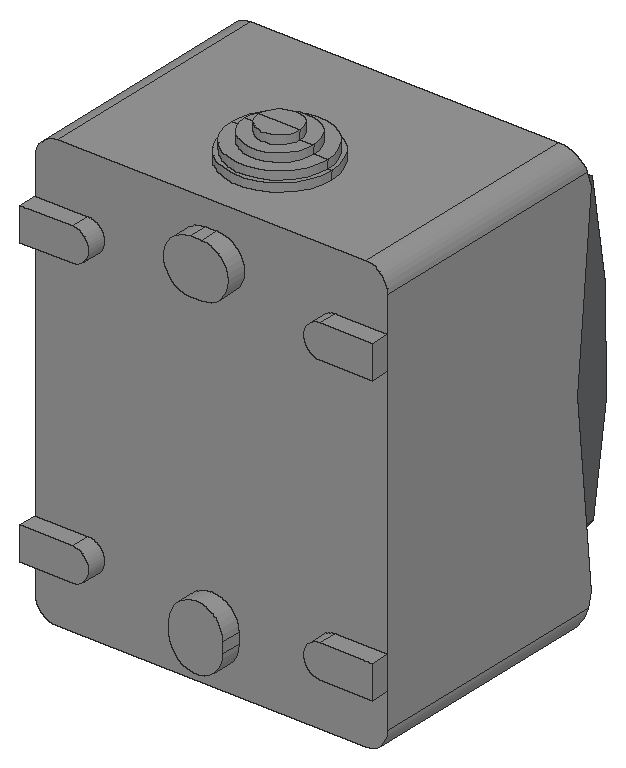
Revit family "IEK_Розетка_ОУ_З_16А_1-мест_IP54_FORS", category Электрические приборы, Revit 2019
Family settings
  Сохранять ориентацию аннотаций = Да
  Размер круглого соединителя = Использовать диаметр
  Тип детали = Нормальный
  На основе рабочей плоскости = Нет
  Всегда вертикально = Да
  При загрузке вырезать с полостями = Нет
  Общий = Нет
  Точка расчета площади = Нет
Parameters (values of type "РСб20-3-ФСр_Серый")
  Ширина = 65 mm  # constant formula
  Тип монтажа = "Поверхность монтажа (открытая установка)"  # constant formula
  Степень защиты IP = "IP54"  # constant formula
  Описание = "Электроустановочные изделия серии FORS подходят для эксплуатации в различных сферах, включая промышленные объекты, склады и производственные помещения. Благодаря степени защиты IP54 они стабильно работают в условиях повышенной влажности и запыленности. В комплекте есть подробная инструкция и необходимые аксессуары для быстрого монтажа. Электроустановочные изделия FORS — выбор профессионалов!"
  Материал крышки = RAL 9004
  Крышка [instance] = yes
  Изготовитель = "IEK"  # constant formula
  Диаметр_Короб [instance] = 16 mm
  Глубина = 55 mm  # constant formula
  Высота = 92 mm  # constant formula
  ΔХ [instance] = 2000 mm
  ΔY [instance] = 2000 mm
  URL = "https://www.iek.ru/"
  ADSK_Ток [instance] = 16 A
  ADSK_Примечание = ""
  ADSK_Полная мощность [instance] = ADSK_Номинальная мощность / ADSK_Коэффициент мощности  # 3520 VA
  ADSK_Позиция [instance] = ""
  ADSK_Номинальная мощность [instance] = ADSK_Ток * ADSK_Напряжение * sqrt(ADSK_Количество фаз числовое) * ADSK_Коэффициент мощности  # 3520 W
  ADSK_Напряжение = 220 V
  ADSK_Наименование краткое = "РСб20-3-ФСр"
  ADSK_Наименование = "Розетка 1-местная с заземлением для открытой установки 16А IP54 РСб20-3-ФСр серый IEK"
  ADSK_Материал обозначение = ""
  ADSK_Материал наименование = "Пластик"  # constant formula
  ADSK_Материал = Окраска - RAL 7035
  ADSK_Масса = 0.128
  ADSK_Марка = "FORS"  # constant formula
  ADSK_Коэффициент мощности [instance] = 1  # constant formula
  ADSK_Количество фаз числовое = 1
  ADSK_Количество фаз = 1
  ADSK_Код изделия = "ERS12-K03-16-54-DC"
  ADSK_Классификация нагрузок [instance] = Прочее
  ADSK_Завод-изготовитель = Изготовитель  # "IEK"
  ADSK_Единица измерения = "шт."  # constant formula
  ADSK_Группирование = "Электроустановочные изделия низковольтные"  # constant formula
  ADSK_Версия семейства = "01.10.25"  # constant formula
  ADSK_Версия Revit = "v2019"  # constant formula
  ADSK_URL страницы изделия = "https://qr.iek.group/ERS12-K03-16-54-DC"
Types (3, lengths in mm): name | Материал крышки | Диаметр_Короб | ADSK_Наименование краткое | ADSK_Наименование | ADSK_Материал | ADSK_Код изделия | ADSK_URL страницы изделия
  (no name) | RAL 9004 | 16 | "РСб20-3-ФСр" | "Розетка 1-местная с заземлением для открытой установки 16А IP54 РСб20-3-ФСр серый IEK" | Окраска - RAL 7035 | "ERS12-K03-16-54-DC" | "https://qr.iek.group/ERS12-K03-16-54-DC"
  РСб20-3-ФСр_Серый | RAL 9004 | 16 | "РСб20-3-ФСр" | "Розетка 1-местная с заземлением для открытой установки 16А IP54 РСб20-3-ФСр серый IEK" | Окраска - RAL 7035 | "ERS12-K03-16-54-DC" | "https://qr.iek.group/ERS12-K03-16-54-DC"
  РСб20-3-ФБ_Белый | Окраска - Белый | 11 | "РСб20-3-ФБ" | "Розетка 1-местная с заземлением для открытой установки 16А IP54 РСб20-3-ФБ белый IEK" | Окраска - Белый | "ERS12-K01-16-54-DC" | "https://qr.iek.group/ERS12-K01-16-54-DC"
Reference planes
  plane 1 "По центру (Вперед/Назад)": y = 0
  plane 2: z = 0
  plane 3 "По центру (Влево/Вправо)": x = 0
  plane 4 "Высота ножек": z = 280
  plane 5 "Высота": z = 2081.496
  plane 6: x = -2000
  plane 7: y = 2000
Forms (mm)
  Extrusion 1, void
    sketch origin (0, 0, 45.5) x (1, 0, 0) y (0, 0, -1)
      loop
        arc (-16.762, -9.964) -> (-0.012, -19.5) -> (16.75, -9.984) r 19.5
        line (16.75, -9.984) -> (16.75, -2.25) -> (19.37, -2.25)
        arc (19.37, -2.25) -> (19.5, 0) -> (19.37, 2.25) r 19.5
        line (19.37, 2.25) -> (16.75, 2.25) -> (16.75, 9.984)
        arc (16.75, 9.984) -> (0, 19.5) -> (-16.75, 9.984) r 19.5
        line (-16.75, 9.984) -> (-16.75, 2.25) -> (-19.37, 2.25)
        arc (-19.37, 2.25) -> (-19.5, 0) -> (-19.37, -2.25) r 19.5
        line (-19.37, -2.25) -> (-16.75, -2.25) -> (-16.762, -9.964)
    from 29.8 to 49.487
  Extrusion 2, void
    sketch origin (0, 0, 45.5) x (1, 0, 0) y (0, 0, -1)
      loop
        circle (-9.525, 0) r 2.758
      loop
        circle (9.525, 0) r 2.758
    from 29.8 to 27.3
  Extrusion 3, solid, material "Окраска - RAL 7035" <- "ADSK_Материал", detail levels fine
    sketch origin (0, 0, 45.5) x (1, 0, 0) y (0, 0, -1)
      loop
        line (-32, 35.5) -> (-32, -35.45)
        arc (-32, -35.45) -> (-30.814, -38.314) -> (-27.95, -39.5) r 4.05
        line (-27.95, -39.5) -> (28, -39.5)
        arc (28, -39.5) -> (30.828, -38.328) -> (32, -35.5) r 4
        line (32, -35.5) -> (32, 35.5)
        arc (32, 35.5) -> (30.828, 38.328) -> (28, 39.5) r 4
        line (28, 39.5) -> (-28, 39.5)
        arc (-28, 39.5) -> (-30.828, 38.328) -> (-32, 35.5) r 4
    from 3.5 to 50.392
  Extrusion 4, void
    sketch origin (0, 0, 32.4) x (1, 0, 0) y (0, 0, -1)
      loop
        line (-25.1, 26.4) -> (-25.1, 17.6) -> (-30.2, 10.316) -> (-30.2, -48.6)
        arc (-30.2, -48.6) -> (-29.556, -50.156) -> (-28, -50.8) r 2.2
        line (-28, -50.8) -> (28, -50.8)
        arc (28, -50.8) -> (29.556, -50.156) -> (30.2, -48.6) r 2.2
        line (30.2, -48.6) -> (30.2, 10.316) -> (25.1, 17.6) -> (25.1, 26.4) -> (-25.1, 26.4)
      loop
        arc (-3.5, 7.353) -> (-20.75, -13.1) -> (-3.5, -33.553) r 20.75
        line (-3.5, -33.553) -> (-3.5, -36.6) -> (3.5, -36.6) -> (3.5, -33.553)
        arc (3.5, -33.553) -> (20.75, -13.1) -> (3.5, 7.353) r 20.75
        line (3.5, 7.353) -> (3.5, 10.4) -> (-3.5, 10.4) -> (-3.5, 7.353)
    from 39.3 to 50.392
  Extrusion 5, void
    sketch origin (0, 12.891, 32.4) x (1, 0, 0) y (0, 0, -1)
      loop
        line (-24.926, 12.673) -> (-24.926, -39.081) -> (25.074, -39.081) -> (25.074, 12.673) -> (-24.926, 12.673)
    from 34.409 to 36.596
  Extrusion 6, solid, material "Окраска - RAL 7035" <- "ADSK_Материал", detail levels fine
    sketch origin (0, 0, 45.5) x (1, 0, 0) y (0, 0, -1)
      loop
        line (-32, 23) -> (-22.5, 23)
        arc (-22.5, 23) -> (-19.5, 26) -> (-22.5, 29) r 3
        line (-22.5, 29) -> (-32, 29) -> (-32, 23)
      loop
        line (32, 23) -> (32, 29) -> (22.5, 29)
        arc (22.5, 29) -> (19.5, 26) -> (22.5, 23) r 3
        line (22.5, 23) -> (32, 23)
      loop
        line (-32, -23) -> (-32, -29) -> (-22.5, -29)
        arc (-22.5, -29) -> (-19.5, -26) -> (-22.5, -23) r 3
        line (-22.5, -23) -> (-32, -23)
      loop
        line (32, -23) -> (22.5, -23)
        arc (22.5, -23) -> (19.5, -26) -> (22.5, -29) r 3
        line (22.5, -29) -> (32, -29) -> (32, -23)
      loop
        arc (1, -34.9) -> (5.9, -30) -> (1, -25.1) r 4.9
        line (1, -25.1) -> (-1, -25.1)
        arc (-1, -25.1) -> (-5.9, -30) -> (-1, -34.9) r 4.9
        line (-1, -34.9) -> (1, -34.9)
      loop
        line (-4.9, 31) -> (-4.9, 29)
        arc (-4.9, 29) -> (0, 24.1) -> (4.9, 29) r 4.9
        line (4.9, 29) -> (4.9, 31)
        arc (4.9, 31) -> (0, 35.9) -> (-4.9, 31) r 4.9
    from 0 to 3.5
  Revolve 7, solid, material "Окраска - RAL 7035" <- "ADSK_Материал", detail levels fine
    sketch origin (0, 18.905, 4617.5) x (-1, 0, 0) y (0, 0, 1)
      loop
        line (0, -4526.5) -> (0, -4532.5) -> (9.541, -4532.5) -> (9.541, -4531) -> (8.75, -4531) -> (8.75, -4529.5) -> (6.25, -4529.5) -> (6.25, -4528) -> (3.75, -4528) -> (3.75, -4526.5) -> (0, -4526.5)
      loop
        line (0, -4617.5) -> (3.75, -4617.5) -> (3.75, -4616) -> (6.25, -4616) -> (6.25, -4614.5) -> (8.75, -4614.5) -> (8.75, -4613) -> (9.541, -4613) -> (9.541, -4611.5) -> (0, -4611.5) -> (0, -4617.5)
      axis (0, -4617.5) -> (0, -4526.5)
    angle from 0 to 360
  Extrusion 8, solid, material "RAL 9004" <- "Материал крышки", visible <- "Крышка", detail levels fine
    sketch origin (0, 0, -56.325) x (0, 0, -1) y (0, 1, 0)
      loop
        line (-137.825, 45.3) -> (-137.825, 39.3) -> (-135.825, 39.3) -> (-135.825, 44.857) -> (-134.019, 48.731)
        arc (-134.019, 48.731) -> (-102.572, 45.387) -> (-71.125, 48.731) r 149.542
        arc (-71.125, 48.731) -> (-67.407, 47.585) -> (-63.725, 46.326) r 126.941
        line (-63.725, 46.326) -> (-63.725, 39.3) -> (-62.325, 39.3) -> (-62.325, 47.287)
        arc (-62.325, 47.287) -> (-98.143, 55.179) -> (-134.685, 52.033) r 121.61
        line (-134.685, 52.033) -> (-137.825, 45.3)
    from -30.2 to 30.2
  Extrusion 9, void
    sketch origin (0, 0, 32.4) x (1, 0, 0) y (0, 0, -1)
      loop
        line (-25.1, 17.6) -> (-25.1, 26.4) -> (-30.2, 26.4) -> (-30.2, 10.316) -> (-25.1, 17.6)
      loop
        line (30.2, 10.316) -> (30.2, 26.4) -> (25.1, 26.4) -> (25.1, 17.6) -> (30.2, 10.316)
      loop
        line (-11.25, -50.2) -> (11.25, -50.2) -> (11.25, -46.2) -> (-11.25, -46.2) -> (-11.25, -50.2)
    from 39.3 to 52.424
  Extrusion 10, void
    sketch origin (0, 0, 45.5) x (0, 0, -1) y (0, 1, 0)
      loop
        line (39.5, 47.287) -> (39.5, 51.998) -> (-39.5, 51.998) -> (-39.5, 47.287) -> (-33.021, 49.493)
        arc (-33.021, 49.493) -> (0.067, 46.452) -> (33.15, 49.537) r 180.205
        arc (33.15, 49.537) -> (36.341, 48.456) -> (39.5, 47.287) r 121.61
    from -32 to 32
  Extrusion 11, solid, detail levels coarse
    sketch origin (0, 0, 0) x (0, 1, 0) y (0, 0, 1)
      loop
        line (55.44, 91) -> (0, 91) -> (0, 0) -> (55.44, 0) -> (55.44, 91)
    from -32 to 32
  Extrusion 12, solid, material "Окраска - RAL 7035" <- "ADSK_Материал", detail levels medium
    sketch origin (0, 0, 0) x (0, 1, 0) y (0, 0, 1)
      loop
        line (55.44, 91) -> (0, 91) -> (0, 0) -> (55.44, 0) -> (55.44, 91)
    from -32 to 32
Cuts and joins
  Extrusion 1, Extrusion 2, Extrusion 4, Extrusion 5, Extrusion 10 cuts Extrusion 3
  Extrusion 9 cuts Extrusion 8
Lines and regions (mm)
  reference lines
    curve 1: line (0, 44.647, 0) -> (0, -55.353, 0)
    curve 2: line (-23.829, 0, 0) -> (76.171, 0, 0)
Dimensions and locks
  locked: plane 4 "Высота ножек" to plane 2 at 280
  plane 5 "Высота" to plane 4 "Высота ножек" = 1801.496 mm
  "ΔХ": plane 6 to curve 1
  "ΔY": plane 7 to curve 2
  aligned and locked: level to plane 2
  aligned and locked: nested 1 to curve 1
  aligned and locked: curve 2 to nested 1
Automatic sketch dimensions
  Extrusion 1 sketch curve to Extrusion 1 sketch curve = 0 mm  (x14)
  Extrusion 1 sketch curve to plane 3 "По центру (Влево/Вправо)" = 0 mm
  Extrusion 1 sketch curve to plane 3 "По центру (Влево/Вправо)" = 16.75 mm
  Extrusion 1 sketch curve to Extrusion 1 sketch curve = 2.62 mm  (x4)
  plane 3 "По центру (Влево/Вправо)" to Extrusion 1 sketch curve = 16.75 mm
  level to Extrusion 1 sketch curve = 55.484 mm
  Extrusion 1 sketch curve to Extrusion 1 sketch curve = 7.734 mm  (x3)
  Extrusion 1 sketch curve to Extrusion 1 sketch curve = 2.25 mm
  Extrusion 1 sketch curve to Extrusion 1 sketch curve = 0.012 mm
  Extrusion 2 sketch curve to plane 3 "По центру (Влево/Вправо)" = 9.525 mm
  plane 3 "По центру (Влево/Вправо)" to Extrusion 2 sketch curve = 9.525 mm
  level to Extrusion 2 sketch curve = 45.5 mm
  Extrusion 2 sketch curve to Extrusion 2 sketch curve = 0 mm
  level to Extrusion 3 sketch curve = 10 mm  (x2)
  Extrusion 3 sketch curve to plane 3 "По центру (Влево/Вправо)" = 32 mm
  Extrusion 3 sketch curve to Extrusion 3 sketch curve = 4 mm
  Extrusion 3 sketch curve to Extrusion 3 sketch curve = 4.05 mm
  plane 3 "По центру (Влево/Вправо)" to Extrusion 3 sketch curve = 28 mm  (x2)
  level to Extrusion 3 sketch curve = 80.95 mm
  Extrusion 4 sketch curve to Extrusion 4 sketch curve = 0 mm  (x3)
  Extrusion 4 sketch curve to plane 3 "По центру (Влево/Вправо)" = 0 mm
  Extrusion 4 sketch curve to plane 3 "По центру (Влево/Вправо)" = 3.5 mm  (x2)
  level to Extrusion 4 sketch curve = 6 mm
  Extrusion 4 sketch curve to plane 3 "По центру (Влево/Вправо)" = 25.1 mm
  Extrusion 4 sketch curve to Extrusion 4 sketch curve = 24.5 mm
  Extrusion 4 sketch curve to Extrusion 4 sketch curve = 2.2 mm
  plane 3 "По центру (Влево/Вправо)" to Extrusion 4 sketch curve = 3.5 mm  (x2)
  level to Extrusion 4 sketch curve = 14.8 mm  (x2)
  Extrusion 4 sketch curve to Extrusion 4 sketch curve = 21.6 mm
  plane 3 "По центру (Влево/Вправо)" to Extrusion 4 sketch curve = 28 mm
  level to Extrusion 4 sketch curve = 22.084 mm  (x2)
  Extrusion 4 sketch curve to Extrusion 4 sketch curve = 5.1 mm
  level to Extrusion 4 sketch curve = 25.047 mm
  Extrusion 4 sketch curve to Extrusion 4 sketch curve = 20.453 mm
  Extrusion 4 sketch curve to Extrusion 4 sketch curve = 3.047 mm  (x2)
  Extrusion 4 sketch curve to Extrusion 4 sketch curve = 12 mm
  Extrusion 5 sketch curve to plane 3 "По центру (Влево/Вправо)" = 24.926 mm
  plane 3 "По центру (Влево/Вправо)" to Extrusion 5 sketch curve = 25.074 mm
  level to Extrusion 5 sketch curve = 71.481 mm
  level to Extrusion 5 sketch curve = 19.727 mm
  Extrusion 6 sketch curve to plane 3 "По центру (Влево/Вправо)" = 0 mm
  Extrusion 6 sketch curve to plane 3 "По центру (Влево/Вправо)" = 1 mm
  level to Extrusion 6 sketch curve = 16.5 mm  (x3)
  Extrusion 6 sketch curve to plane 3 "По центру (Влево/Вправо)" = 4.9 mm
  Extrusion 6 sketch curve to Extrusion 6 sketch curve = 21.5 mm  (x2)
  level to Extrusion 6 sketch curve = 22.5 mm  (x2)
  Extrusion 6 sketch curve to Extrusion 6 sketch curve = 17.6 mm  (x2)
  Extrusion 6 sketch curve to Extrusion 6 sketch curve = 9.5 mm  (x4)
  plane 3 "По центру (Влево/Вправо)" to Extrusion 6 sketch curve = 1 mm
  Extrusion 6 sketch curve to Extrusion 6 sketch curve = 46 mm
  Extrusion 6 sketch curve to Extrusion 6 sketch curve = 0 mm
  Extrusion 6 sketch curve to Extrusion 6 sketch curve = 2.1 mm
  Extrusion 6 sketch curve to Extrusion 6 sketch curve = 3 mm  (x2)
  Extrusion 6 sketch curve to Extrusion 6 sketch curve = 4.9 mm
  Extrusion 6 sketch curve to Extrusion 6 sketch curve = 2 mm
  Revolve 7 sketch curve to plane 3 "По центру (Влево/Вправо)" = 0 mm  (x3)
  Revolve 7 sketch curve to Revolve 7 sketch curve = 3.75 mm
  Revolve 7 sketch curve to plane 3 "По центру (Влево/Вправо)" = 3.75 mm
  Revolve 7 sketch curve to Revolve 7 sketch curve = 2.5 mm  (x4)
  Revolve 7 sketch curve to Revolve 7 sketch curve = 0.791 mm  (x2)
  Revolve 7 sketch curve to level = 0 mm
  Revolve 7 sketch curve to Revolve 7 sketch curve = 1.5 mm  (x7)
  Revolve 7 sketch curve to Revolve 7 sketch curve = 4.5 mm
  level to Revolve 7 sketch curve = 85 mm
  Revolve 7 sketch curve to Revolve 7 sketch curve = 1478.5 mm
  Revolve 7 sketch curve to plane 5 "Высота" = 511.996 mm
  Extrusion 8 sketch curve to plane 1 "По центру (Вперед/Назад)" = 39.3 mm
  level to Extrusion 8 sketch curve = 81.5 mm
  Extrusion 8 sketch curve to Extrusion 8 sketch curve = 2 mm
  Extrusion 8 sketch curve to plane 1 "По центру (Вперед/Назад)" = 52.033 mm
  Extrusion 8 sketch curve to Extrusion 8 sketch curve = 1.14 mm
  Extrusion 8 sketch curve to plane 1 "По центру (Вперед/Назад)" = 48.731 mm
  Extrusion 8 sketch curve to Extrusion 8 sketch curve = 0.667 mm
  level to Extrusion 8 sketch curve = 50.318 mm
  Extrusion 8 sketch curve to Extrusion 8 sketch curve = 0.54 mm
  level to Extrusion 8 sketch curve = 46.247 mm
  level to Extrusion 8 sketch curve = 7.4 mm
  Extrusion 8 sketch curve to Extrusion 8 sketch curve = 1.4 mm
  plane 1 "По центру (Вперед/Назад)" to Extrusion 8 sketch curve = 66.17 mm
  Extrusion 8 sketch curve to Extrusion 8 sketch curve = 6.97 mm
  Extrusion 8 sketch curve to Extrusion 8 sketch curve = 7.987 mm
  Extrusion 8 sketch curve to Extrusion 8 sketch curve = 3.874 mm
  Extrusion 8 sketch curve to Extrusion 8 sketch curve = 0.443 mm
  Extrusion 8 sketch curve to Extrusion 8 sketch curve = 0.962 mm
  Extrusion 8 sketch curve to Extrusion 8 sketch curve = 142.896 mm
  level to Extrusion 9 sketch curve = 22.084 mm  (x2)
  Extrusion 9 sketch curve to plane 3 "По центру (Влево/Вправо)" = 30.2 mm
  Extrusion 9 sketch curve to Extrusion 9 sketch curve = 5.1 mm  (x2)
  Extrusion 9 sketch curve to plane 3 "По центру (Влево/Вправо)" = 11.25 mm
  plane 3 "По центру (Влево/Вправо)" to Extrusion 9 sketch curve = 11.25 mm
  level to Extrusion 9 sketch curve = 14.8 mm  (x2)
  plane 3 "По центру (Влево/Вправо)" to Extrusion 9 sketch curve = 25.1 mm
  level to Extrusion 9 sketch curve = 78.6 mm
  Extrusion 9 sketch curve to Extrusion 9 sketch curve = 4 mm
  Extrusion 9 sketch curve to Extrusion 9 sketch curve = 8.8 mm  (x2)
  Extrusion 10 sketch curve to plane 1 "По центру (Вперед/Назад)" = 51.998 mm
  level to Extrusion 10 sketch curve = 85 mm
  Extrusion 10 sketch curve to Extrusion 10 sketch curve = 6.479 mm
  level to Extrusion 10 sketch curve = 49.778 mm
  level to Extrusion 10 sketch curve = 45.554 mm
  level to Extrusion 10 sketch curve = 6 mm
  Extrusion 10 sketch curve to Extrusion 10 sketch curve = 2.505 mm
  Extrusion 10 sketch curve to Extrusion 10 sketch curve = 4.711 mm  (x2)
  plane 1 "По центру (Вперед/Назад)" to Extrusion 10 sketch curve = 66.17 mm
  Extrusion 10 sketch curve to Extrusion 10 sketch curve = 174.659 mm
  Extrusion 11 sketch curve to plane 1 "По центру (Вперед/Назад)" = 0 mm
  Extrusion 11 sketch curve to level = 0 mm
  Extrusion 11 sketch curve to plane 1 "По центру (Вперед/Назад)" = 55.44 mm
  level to Extrusion 11 sketch curve = 91 mm
  Extrusion 12 sketch curve to plane 1 "По центру (Вперед/Назад)" = 0 mm
  Extrusion 12 sketch curve to level = 0 mm
  Extrusion 12 sketch curve to plane 1 "По центру (Вперед/Назад)" = 55.44 mm
  level to Extrusion 12 sketch curve = 91 mm
  curve 2 to plane 3 "По центру (Влево/Вправо)" = 23.829 mm
  plane 3 "По центру (Влево/Вправо)" to curve 2 = 76.171 mm
  plane 1 "По центру (Вперед/Назад)" to curve 1 = 55.353 mm
  curve 1 to plane 1 "По центру (Вперед/Назад)" = 44.647 mm
  radius of Extrusion 2 sketch curve = 2.758 mm  (x2)
Nested families
  nested 1: "УГО Розетки" at (0, 0, 0), type "2PE-O", detail levels coarse+medium
    with Количество в блоке "", Блок розеток no, IP44 yes
Connectors
  electrical at (0.006, 3.5, 45.494), driven by "ADSK_Количество фаз", driven by "ADSK_Классификация нагрузок", driven by "ADSK_Напряжение", driven by "ADSK_Полная мощность", driven by "ADSK_Коэффициент мощности", driven by "ADSK_Полная мощность"
    settings: on cut or joined group of Extrusion 1, Extrusion 2, Extrusion 3, Extrusion 4, Extrusion 5, Extrusion 10, index 1, voltage 220 V, apparent load 3520 VA, apparent load phase1 3520 VA, apparent load phase2 0 VA, apparent load phase3 0 VA, power factor 1, load classification "Прочее", number of poles 1, system type 30, power factor state 1, is connector primary yes, connector utility no, sub classification motor no, connector description ""
  cabletrayconduit at (0, 18.905, 91), diameter 16, driven by "Диаметр_Короб"
    settings: on Revolve 7, index 2, connector width 300 mm, connector height 300 mm, connector angle 0.00°, system type 32, placement type 0, profile type 0, connector reference index 3, is primary connector yes, connector utility param no, connector description "Соединитель сверху"
  cabletrayconduit at (0, 18.905, 0), diameter 16, driven by "Диаметр_Короб"
    settings: on Revolve 7, index 3, connector width 300 mm, connector height 300 mm, connector angle 0.00°, system type 32, placement type 0, profile type 0, connector reference index 2, is primary connector no, connector utility param no, connector description "Соединитель снизу"
Definition of nested family "УГО Розетки"
  Parameters (values of type "3PE-O")
    Количество в блоке [instance] = ""
    Блок розеток [instance] = no
    IP44 [instance] = no
    3PE-O = yes
    3PE-C = no
    2PE-O = no
    2PE-C = no
    2P-O = no
    2P-C = no
  Types (6, lengths in mm): name | 3PE-O | 3PE-C | 2PE-O | 2PE-C | 2P-O | 2P-C
    2P-O | no | no | no | no | yes | no
    3PE-O | yes | no | no | no | no | no
    2P-C | no | no | no | no | no | yes
    2PE-C | no | no | no | yes | no | no
    2PE-O | no | no | yes | no | no | no
    3PE-C | no | yes | no | no | no | no
  Reference planes
    plane 1: y = 0
    plane 2: x = 0
  Lines and regions (mm)
    Filled region 1, type "Цветовая область 1", visible <- "IP44"
      outline origin (0, 0, 0) x (1, 0, 0) y (0, 1, 0)
        loop
          line (-2.5, 0) -> (2.5, 0)
          arc (2.5, 0) -> (0, 2.5) -> (-2.5, 0) r 2.5
    Filled region 2, type "Цветовая область 1", visible <- "IP44", not visible
      outline origin (0, 0, 0) x (1, 0, 0) y (0, 1, 0)
        loop
          line (-2.5, 4.664) -> (2.5, 4.664)
          arc (2.5, 4.664) -> (0, 7.164) -> (-2.5, 4.664) r 2.5
    detail lines
      curve 1: line (-2.5, 0, 0) -> (2.5, 0, 0)
      curve 3: line (0, 2.5, 0) -> (0, 5, 0)
      curve 4: arc (-2.5, 0, 0) -> (0, 2.5, 0) -> (2.5, 0, 0) r 2.5
    detail lines, visible <- "3PE-C"
      curve 2: line (0, 0, 0) -> (0, 2.5, 0)
      curve 5: line (-2.5, 2.5, 0) -> (2.5, 2.5, 0)
      curve 17: line (0, 2.5, 0) -> (1.768, 4.268, 0)
      curve 18: line (0, 2.5, 0) -> (-1.768, 4.268, 0)
    detail lines, not visible
      curve 6: line (-2.5, 4.664, 0) -> (2.5, 4.664, 0)
      curve 8: line (0, 7.164, 0) -> (0, 9.664, 0)
      curve 9: arc (-2.5, 4.664, 0) -> (0, 7.164, 0) -> (2.5, 4.664, 0) r 2.5
    detail lines, visible <- "3PE-C", not visible
      curve 7: line (0, 4.664, 0) -> (0, 7.164, 0)
      curve 10: line (-2.5, 7.164, 0) -> (2.5, 7.164, 0)
      curve 23: line (0, 7.164, 0) -> (1.768, 8.932, 0)
      curve 24: line (0, 7.164, 0) -> (-1.768, 8.932, 0)
    detail lines, visible <- "3PE-O"
      curve 11: line (-2.5, 2.5, 0) -> (2.5, 2.5, 0)
      curve 19: line (0, 2.5, 0) -> (1.768, 4.268, 0)
      curve 20: line (0, 2.5, 0) -> (-1.768, 4.268, 0)
    detail lines, visible <- "3PE-O", not visible
      curve 12: line (-2.5, 7.164, 0) -> (2.5, 7.164, 0)
      curve 25: line (0, 7.164, 0) -> (1.768, 8.932, 0)
      curve 26: line (0, 7.164, 0) -> (-1.768, 8.932, 0)
    detail lines, visible <- "2PE-C"
      curve 13: line (0, 0, 0) -> (0, 2.5, 0)
      curve 22: line (-2.5, 2.5, 0) -> (2.5, 2.5, 0)
    detail lines, visible <- "2P-C"
      curve 14: line (0, 0, 0) -> (0, 2.5, 0)
    detail lines, visible <- "2PE-C", not visible
      curve 15: line (0, 4.664, 0) -> (0, 7.164, 0)
      curve 28: line (-2.5, 7.164, 0) -> (2.5, 7.164, 0)
    detail lines, visible <- "2P-C", not visible
      curve 16: line (0, 4.664, 0) -> (0, 7.164, 0)
    detail lines, visible <- "2PE-O"
      curve 21: line (-2.5, 2.5, 0) -> (2.5, 2.5, 0)
    detail lines, visible <- "2PE-O", not visible
      curve 27: line (-2.5, 7.164, 0) -> (2.5, 7.164, 0)
    reference lines
      curve 29: line (100, 9.605, 0) -> (100, -3.971, 0)
  Text (mm)
    label "3" at (1.908, 5.573, 0), shows "Количество в блоке", visible <- "Блок розеток"
    label "3" at (1.908, 10.237, 0), shows "Количество в блоке", visible <- "Блок розеток", not visible
  Dimensions and locks
    aligned and locked: Filled region 1 sketch curve to curve 4
    aligned and locked: Filled region 2 sketch curve to curve 9
